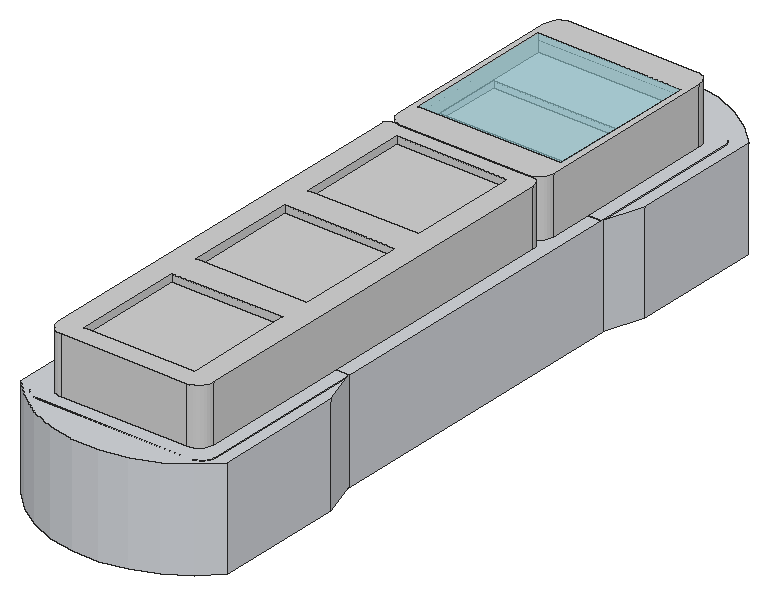
Revit family "Building-QuadriIEC309-GEWISS-68QDIN-QUADRI-PRESE-5MOD-CUSTODIA_3PRESE", category Apparecchi elettrici, host Superficie, Revit 2019
Family settings
  Host = Superficie
  Mantenere orientamento annotazione = Sì
  Quota connettore circolare = Usa diametro
  Tipo di parte = Normale
  Taglio con vuoti quando caricato = No
  Condiviso = No
  Punto di calcolo locali = Sì
Parameters (values of type "GW68031N - Q-DIN 5M 3FLANGE PR.16A CON CUST.IP65")
  visibilita posizionamento 2d [instance] = yes
  simbolo 2d [instance] = yes
  oggetto in pianta [instance] = not(visibilita posizionamento 2d)  # no
  distanza_simbolo [instance] = 0.1 mm
  bordo acceso [instance] = yes
  Visibilità sportello [instance] = yes
  Versione file RFA = "21.5"
  VETRO = Vetro
  URL = "https://www.gewiss.com/it/it"
  Tipologia di installazione = "Da parete"
  Tipo versione = "Vuoto"
  Termopressione con biglia = "70 °C"
  Temperatura di utilizzo = "-25 +40 °C"
  Spostamento_effettivo_S [instance] = 4000 mm - Spostamento_S  # 3000 mm
  Spostamento_S = 1000 mm
  Simbolo_quadro [instance] = not(simbolo 2d)  # no
  Scheda Tecnica = "https://www.gewiss.com/it/it/search?q=GW68031N"
  STRUTTURA ALTA = Poche
  STRUTTURA = RAL - 7035
  SEO = "Quadretto"
  Resistenza agli urti = "IK08"
  Default Elevation = 1219.2 mm
  Produttore = "GEWISS S.p.A."
  Potenza dissipabile B (W) = "37"
  Potenza dissipabile A (W) = "10"
  PRESA = rosso
  POMELLO = bianco
  N_Mooduli = 5 mm
  N. prese alloggiabili = "3 IEC 309 16 A IP44/67"
  N. mod. EN 50022 = "5"
  N. coperchi ciechi in dotazione = "1 IEC 16 A"
  Modello = "GW68031N"
  L_Moduli = N_Mooduli * 19  # 95 mm
  Immagine tipo = GW68031N.jpg
  IDT = "c65c050b-1fa2-494d-a6b9-4194fbcc741e"
  IDF = "6605acbd-01e2-420d-ace7-04a9e63c1601"
  Grado di protezione = "IP65"
  Glow Wire Test = "650°C"
  Dotazioni = "Completo di custodia antiurto gialla in gomma"
  Descrizione = "Q-DIN 5M 3FLANGE PR.16A CON CUST.IP65"
  DI_PIANO = 0 mm  # constant formula
  Creato da GEWISS S.p.A. = ""
  ConformitÃ  normativa = "EN 60208 - EN 60670-1 - IEC 60670-24"
  Colore = "Grigio RAL 7035"
  Codice Electrocod = "2242"
  Codice EAN = "8011564747555"
  Classe isolamento = "II"
  Catalogo Serie = "68 QDIN"
  Catalogo = "BUILDING"
  COBie.Tagnumber = ""
  COBie.CreatedOn = ""
  COBie.CreatebBy = ""
  COBie.ComponentRegisterItemID = ""
  COBie.Component.TagNumber = ""
  COBie.Component.Space = ""
  COBie.Component.SerialNumber = ""
  COBie.Component.InstallationDate = ""
  COBie.Component.Description = ""
  COBie.Component.BarCode = ""
Reference planes
  plane 1 "Centro (Fronte/Retro)": y = 0
  plane 2: z = 0
  plane 3 "Centro (Sinistra/Destra)": x = 0
  plane 4: x = -3000
  plane 5: x = 0
Forms (mm)
  Extrusion 1, solid, material "RAL - 7035" <- "STRUTTURA", detail levels coarse
    sketch origin (0, 0, 0) x (0, 1, 0) y (0, 0, 1)
      loop
        line (-9.4, 105.5) -> (-9.4, 0) -> (439.9, 0) -> (439.9, 105.5) -> (-9.4, 105.5)
    from -70.2 to 70.2
Lines and regions (mm)
  Masking region 1, visible <- "visibilita posizionamento 2d"
    outline origin (0, 0, 0) x (1, 0, 0) y (0, 0, 1)
      loop
        line (-52.5, 0) -> (52.5, 0) -> (52.5, 96) -> (-52.5, 96) -> (-52.5, 0)
Dimensions and locks
  plane 4 to plane 3 "Centro (Sinistra/Destra)" = 3000 mm
  "Spostamento_effettivo_S": plane 4 to plane 5
  aligned and locked: plane 2 to host face
  aligned and locked: level to host face
  aligned and locked: nested 1 to plane 5
  aligned and locked: nested 3 to plane 5
  aligned and locked: Extrusion 1 sketch curve to nested 2
  aligned and locked: nested 2 to plane 5
  aligned and locked: Extrusion 1 to nested 2  (x4)
  aligned and locked: Extrusion 1 to level
Automatic sketch dimensions
  host sketch curve to host sketch curve = 2438.4 mm  (x2)
  level to Extrusion 1 sketch curve = 0 mm
  plane 1 "Centro (Fronte/Retro)" to Extrusion 1 sketch curve = 9.4 mm
  Extrusion 1 sketch curve to plane 1 "Centro (Fronte/Retro)" = 439.9 mm
  Masking region 1 sketch curve to level = 0 mm
  Masking region 1 sketch curve to plane 3 "Centro (Sinistra/Destra)" = 52.5 mm
  plane 3 "Centro (Sinistra/Destra)" to Masking region 1 sketch curve = 52.5 mm
  Masking region 1 sketch curve to Masking region 1 sketch curve = 96 mm
Nested families
  nested 1: "CENTRALINO" at (0, 737.795, 0), BORDO ACCESO <- "bordo acceso", SIMBOLO ACCESO <- "simbolo 2d", Distanza dal muro <- "distanza_simbolo", visible <- "simbolo 2d", type "CENTRALINO"
    with SIMBOLO ACCESO yes, Distanza dal muro 0.1 mm, BORDO ACCESO yes
  nested 2: "BASE_68QDIN5 QUADRO DISTRIBUZ X 3 PRESE IND CUSTODIA" at (0, 287.5, 0), type "BASE_68QDIN5 QUADRO DISTRIBUZ X 3 PRESE IND CUSTODIA", detail levels medium+fine
    with n_moduli 95 mm, DI_PIANO 0 mm
  nested 3: "simb_CENTRALINO_BASE_cad pro" at (0, 737.795, 0), Distanza dal muro <- "distanza_simbolo", visible <- "Simbolo_quadro", SIMBOLO ACCESO <- "Simbolo_quadro", type "simb_CENTRALINO_BASE_cad pro"
    with SIMBOLO ACCESO no, Distanza dal muro 0.1 mm, BORDO ACCESO yes
Definition of nested family "BASE_68QDIN5 QUADRO DISTRIBUZ X 3 PRESE IND CUSTODIA"
  Parameters (values of type "BASE_68QDIN5 QUADRO DISTRIBUZ X 3 PRESE IND CUSTODIA")
    raggio prese = 25 mm
    n_moduli = 50 mm
    h_moduli = 45 mm
    Vetro = none
    Struttura = none
    Spessore = 96 mm
    Default Elevation = 14 mm
    Presa = none
    Lunghezza = 105 mm
    Larghezza = 105 mm
    IFC.TypeObject = ""
    IFC.ExportType = ""
    IFC.ExportAs = ""
    H_da terra = 589.057 mm
    DI_PIANO = 12.5 mm
    COBie.CreatedOn = ""
    COBie.CreatebBy = ""
    COBie.ComponentRegisterItemID = ""
    COBie.Component.TagNumber = ""
    COBie.Component.Space = ""
    COBie.Component.SerialNumber = ""
    COBie.Component.InstallationDate = ""
    COBie.Component.Description = ""
    COBie.Component.BarCode = ""
    Altezza scatole = 350 mm
    Altezza quadro = 150 mm
    Altezza = 258 mm
  Reference planes
    plane 1 "Centro (Fronte/Retro)": y = 0
    plane 2: z = 0
    plane 3 "Centro (Sinistra/Destra)": x = 0
    plane 4: z = 103.126
    plane 5: z = 118
    plane 6: x = -52.5
    plane 7: x = 52.5
    plane 8: x = -48.5
    plane 9: x = 48.5
    plane 10: y = 123.21
    plane 11: y = 21.246
    plane 12: y = 0
    plane 13: y = -105
    plane 14: y = -180
    plane 15: y = -85
    plane 16: y = -10
    plane 17: y = -287.5
    plane 18: y = 143
    plane 19: z = 113
    plane 20: y = 84
    plane 21: y = 39
    plane 22: x = -25
    plane 23: x = 25
    plane 24: z = 114.059
    plane 25: z = 118
    plane 26 "posizionamento moduli": z = 106.734
    plane 27: z = 102.558
    plane 28: y = 61.5
    plane 29: y = -200
    plane 30: y = -275
    plane 31: y = -237.5
    plane 32: y = -47.5
    plane 33: y = -142.5
    plane 34: z = 109.791
    plane 35: z = 80
    plane 36: x = -61.9
    plane 37: x = 61.9
    plane 38: y = 152.4
    plane 39: z = 12.5
    plane 40: x = -70.2
    plane 41: x = 70.2
  Forms (mm)
    Extrusion 1, solid, material <- "Struttura"
      sketch origin (0, -857.311, 0) x (1, 0, 0) y (0, 1, 0)
        loop
          arc (-42.5, 1000.311) -> (-49.571, 997.382) -> (-52.5, 990.311) r 10
          line (-52.5, 990.311) -> (-52.5, 867.311)
          arc (-52.5, 867.311) -> (-49.571, 860.24) -> (-42.5, 857.311) r 10
          line (-42.5, 857.311) -> (42.5, 857.311)
          arc (42.5, 857.311) -> (49.571, 860.24) -> (52.5, 867.311) r 10
          line (52.5, 867.311) -> (52.5, 990.311)
          arc (52.5, 990.311) -> (49.571, 997.382) -> (42.5, 1000.311) r 10
          line (42.5, 1000.311) -> (-42.5, 1000.311)
      from 80 to 118
    Extrusion 2, solid, material <- "Struttura"
      sketch origin (0, -857.311, 0) x (1, 0, 0) y (0, 1, 0)
        loop
          line (44.95, 857.311) -> (-48.88, 857.311)
          arc (-48.88, 857.311) -> (-51.44, 856.251) -> (-52.5, 853.691) r 3.62
          line (-52.5, 853.691) -> (-52.5, 579.811)
          arc (-52.5, 579.811) -> (-49.571, 572.74) -> (-42.5, 569.811) r 10
          line (-42.5, 569.811) -> (42.5, 569.811)
          arc (42.5, 569.811) -> (49.571, 572.74) -> (52.5, 579.811) r 10
          line (52.5, 579.811) -> (52.5, 849.76)
          arc (52.5, 849.76) -> (50.289, 855.099) -> (44.95, 857.311) r 7.55
      from 80 to 118
    Extrusion 3, void
      sketch origin (0, -857.311, 0) x (1, 0, 0) y (0, 1, 0)
        loop
          line (-48.5, 980.52) -> (-48.5, 878.557) -> (48.5, 878.557) -> (48.5, 980.52) -> (-48.5, 980.52)
      from 118 to 102.558
    Extrusion 4, solid, material <- "Vetro", detail levels fine
      sketch origin (0, -857.311, 0) x (1, 0, 0) y (0, 1, 0)
        loop
          line (-48.5, 980.52) -> (-48.5, 878.557) -> (48.5, 878.557) -> (48.5, 980.52) -> (-48.5, 980.52)
      from 114.059 to 118
    Extrusion 5, void
      sketch origin (0, -857.311, 0) x (1, 0, 0) y (0, 1, 0)
        loop
          line (-37.506, 847.311) -> (-37.506, 772.311) -> (37.506, 772.311) -> (37.506, 847.311) -> (-37.506, 847.311)
      from 113 to 118
    Extrusion 6, void
      sketch origin (0, -992.311, 0) x (1, 0, 0) y (0, 1, 0)
        loop
          line (-37.506, 887.311) -> (-37.506, 812.311) -> (37.506, 812.311) -> (37.506, 887.311) -> (-37.506, 887.311)
      from 113 to 118
    Extrusion 7, void
      sketch origin (0, 0, 0) x (1, 0, 0) y (0, 1, 0)
        loop
          line (-25, 39) -> (25, 39) -> (25, 84) -> (-25, 84) -> (-25, 39)
      from 102.558 to 106.734
    Extrusion 8, solid
      sketch origin (0, 0, 0) x (1, 0, 0) y (0, 1, 0)
        loop
          line (-48.5, 123.21) -> (-48.5, 21.246) -> (48.5, 21.246) -> (48.5, 123.21) -> (-48.5, 123.21)
      from 102.558 to 106.734
    Extrusion 9, void
      sketch origin (0, -1087.311, 0) x (1, 0, 0) y (0, 1, 0)
        loop
          line (-37.506, 887.311) -> (-37.506, 812.311) -> (37.506, 812.311) -> (37.506, 887.311) -> (-37.506, 887.311)
      from 113 to 118
    Extrusion 10, solid
      sketch origin (0, 0, 106.734) x (0, -1, 0) y (1, 0, 0)
        loop
          line (-152.4, 51.9) -> (-152.4, -51.9)
          arc (-152.4, -51.9) -> (-149.471, -58.971) -> (-142.4, -61.9) r 10
          line (-142.4, -61.9) -> (286.9, -61.9)
          arc (286.9, -61.9) -> (293.971, -58.971) -> (296.9, -51.9) r 10
          line (296.9, -51.9) -> (296.9, 51.9)
          arc (296.9, 51.9) -> (293.971, 58.971) -> (286.9, 61.9) r 10
          line (286.9, 61.9) -> (-142.4, 61.9)
          arc (-142.4, 61.9) -> (-149.471, 58.971) -> (-152.4, 51.9) r 10
      from -94.234 to -26.734
    Extrusion 11, solid
      sketch origin (0, 0, 106.734) x (0, -1, 0) y (1, 0, 0)
        loop
          line (-152.4, -70.2) -> (-65, -70.2) -> (-39, -61.568) -> (-39, 61.568) -> (-65, 70.2) -> (-152.4, 70.2)
          arc (-152.4, 70.2) -> (-185, 0) -> (-152.4, -70.2) r 91.883
      from -94.234 to -26.734
    Extrusion 12, solid
      sketch origin (0, -135.2, 106.734) x (0, 1, 0) y (-1, 0, 0)
        loop
          arc (-152.4, 70.2) -> (-185, 0) -> (-152.4, -70.2) r 91.883
          line (-152.4, -70.2) -> (-65, -70.2) -> (-39, -61.568) -> (-39, 61.568) -> (-65, 70.2) -> (-152.4, 70.2)
      from -94.234 to -26.734
  Cuts and joins
    Extrusion 3 cuts Extrusion 1
    Extrusion 5, Extrusion 6, Extrusion 9 cuts Extrusion 2
    Extrusion 7 cuts Extrusion 8
    Extrusion 7 cuts Extrusion 4
  Dimensions and locks
    locked: plane 6 to plane 8 at 4
    locked: plane 9 to plane 7 at 4
    equal spacing: plane 6, plane 3 "Centro (Sinistra/Destra)", plane 7
    "Larghezza": plane 6 to plane 7
    plane 12 to plane 16 = 10 mm
    locked: plane 15 to plane 13 at 20
    plane 16 to plane 15 = 75 mm
    plane 13 to plane 14 = 75 mm
    plane 1 "Centro (Fronte/Retro)" to plane 18 = 143 mm
    plane 17 to plane 12 = 287.5 mm
    plane 11 to plane 1 "Centro (Fronte/Retro)" = 21.246 mm
    plane 10 to plane 18 = 19.79 mm
    locked: plane 5 to plane 19 at 5
    locked: plane 18 to plane 20 at 59
    "h_moduli": plane 20 to plane 21
    equal spacing: plane 22, plane 3 "Centro (Sinistra/Destra)", plane 23
    "n_moduli": plane 22 to plane 23
    locked: plane 25 to plane 24 at 3.941
    locked: plane 24 to plane 26 "posizionamento moduli" at 7.325
    locked: plane 26 "posizionamento moduli" to plane 27 at 4.176
    equal spacing: plane 20, plane 28, plane 21
    locked: plane 14 to plane 29 at 20
    locked: plane 29 to plane 30 at 75
    locked: plane 19 to plane 34 at 3.209
    plane 17 to plane 18 = 430.5 mm
    locked: plane 5 to plane 35 at 38
    locked: plane 36 to plane 6 at 9.4
    locked: plane 7 to plane 37 at 9.4
    locked: plane 18 to plane 38 at 9.4
    locked: plane 35 to plane 39 at 67.5
    "DI_PIANO": plane 39 to level
    locked: plane 40 to plane 36 at 8.3
    locked: plane 37 to plane 41 at 8.3
    radius of Extrusion 2 sketch curve = 10 mm  (x2)
    radius of Extrusion 2 sketch curve = 3.62 mm
    radius of Extrusion 2 sketch curve = 7.55 mm
    radius of Extrusion 1 sketch curve = 10 mm  (x4)
    radius of Extrusion 10 sketch curve = 10 mm  (x4)
    angle plane 40 to plane 38 = 90.00°
    angle plane 9 to plane 21 = 90.00°
    angle plane 12 to plane 3 "Centro (Sinistra/Destra)" = 90.00°
    aligned and locked: level to plane 2
    aligned and locked: Extrusion 2 to plane 5
    aligned and locked: plane 6 to Extrusion 2 sketch curve
    aligned and locked: plane 7 to Extrusion 2 sketch curve
    aligned and locked: plane 7 to Extrusion 1 sketch curve
    aligned and locked: plane 6 to Extrusion 1 sketch curve
    aligned and locked: Extrusion 4 sketch curve to plane 8
    aligned and locked: Extrusion 4 sketch curve to plane 9
    aligned and locked: Extrusion 3 sketch curve to plane 8
    aligned and locked: Extrusion 3 sketch curve to plane 9
    aligned and locked: Extrusion 4 sketch curve to plane 10
    aligned and locked: plane 11 to Extrusion 4 sketch curve
    aligned and locked: Extrusion 3 sketch curve to plane 10
    aligned and locked: plane 11 to Extrusion 3 sketch curve
    aligned and locked: plane 12 to Extrusion 1 sketch curve
    aligned and locked: Extrusion 2 sketch curve to plane 12
    aligned and locked: plane 17 to Extrusion 2 sketch curve
    aligned and locked: Extrusion 5 to plane 15
    aligned and locked: plane 16 to Extrusion 5
    aligned and locked: plane 13 to Extrusion 6
    aligned and locked: plane 1 "Centro (Fronte/Retro)" to plane 12
    aligned and locked: plane 18 to Extrusion 1 sketch curve
    aligned and locked: Extrusion 6 to plane 14
    aligned and locked: Extrusion 6 to plane 19
    aligned and locked: Extrusion 6 to plane 5
    aligned and locked: Extrusion 5 to plane 19
    aligned and locked: Extrusion 5 to plane 5
    aligned and locked: Extrusion 7 sketch curve to plane 22
    aligned and locked: Extrusion 7 sketch curve to plane 20
    aligned and locked: Extrusion 7 sketch curve to plane 21
    aligned and locked: Extrusion 7 sketch curve to plane 23
    aligned and locked: plane 25 to cut or joined group of Extrusion 1, Extrusion 3
    aligned and locked: plane 26 "posizionamento moduli" to Extrusion 7
    aligned and locked: Extrusion 7 to plane 27
    aligned and locked: Extrusion 8 sketch curve to plane 10
    aligned and locked: Extrusion 8 sketch curve to plane 11
    aligned and locked: Extrusion 8 to plane 27
    aligned and locked: plane 26 "posizionamento moduli" to Extrusion 8
    aligned and locked: Extrusion 8 sketch curve to Extrusion 4  (x2)
    aligned and locked: cut or joined group of Extrusion 2, Extrusion 5, Extrusion 6, Extrusion 9 to plane 19
    aligned and locked: Extrusion 9 to plane 19
    aligned and locked: Extrusion 9 to plane 5
    aligned and locked: cut or joined group of Extrusion 4, Extrusion 7 to plane 24
    aligned and locked: plane 25 to cut or joined group of Extrusion 4, Extrusion 7
    aligned and locked: plane 25 to plane 5
    aligned and locked: cut or joined group of Extrusion 2, Extrusion 5, Extrusion 6, Extrusion 9 to plane 35
    aligned and locked: cut or joined group of Extrusion 1, Extrusion 3 to plane 35
    aligned and locked: Extrusion 10 sketch curve to plane 38
    aligned and locked: Extrusion 10 sketch curve to plane 36
    aligned and locked: Extrusion 10 sketch curve to plane 37
    aligned and locked: plane 35 to Extrusion 10
    aligned and locked: Extrusion 10 to plane 39
    aligned and locked: Extrusion 11 sketch curve to plane 40
    aligned and locked: Extrusion 11 sketch curve to plane 41
    aligned and locked: Extrusion 11 sketch curve to plane 21
    aligned and locked: Extrusion 11 to plane 39
    aligned and locked: plane 35 to Extrusion 11
    aligned and locked: Extrusion 1 to Extrusion 3
    aligned and locked: cut or joined group of Extrusion 1, Extrusion 3 to plane 27
  Automatic sketch dimensions
    Extrusion 5 sketch curve to plane 15 = 0 mm
    Extrusion 5 sketch curve to plane 16 = 0 mm
    Extrusion 5 sketch curve to plane 8 = 10.994 mm
    plane 9 to Extrusion 5 sketch curve = 10.994 mm
    Extrusion 6 sketch curve to plane 14 = 0 mm
    Extrusion 6 sketch curve to plane 13 = 0 mm
    Extrusion 6 sketch curve to plane 8 = 10.994 mm
    plane 9 to Extrusion 6 sketch curve = 10.994 mm
    Extrusion 9 sketch curve to plane 30 = 0 mm
    Extrusion 9 sketch curve to plane 29 = 0 mm
    Extrusion 9 sketch curve to plane 8 = 10.994 mm
    plane 9 to Extrusion 9 sketch curve = 10.994 mm
    Extrusion 10 sketch curve to plane 17 = 0.6 mm
    plane 38 to Extrusion 11 sketch curve = 0 mm  (x2)
    plane 20 to Extrusion 11 sketch curve = 9.117 mm
    Extrusion 11 sketch curve to plane 28 = 3.5 mm  (x2)
    plane 36 to Extrusion 11 sketch curve = 0.332 mm
    Extrusion 11 sketch curve to plane 37 = 0.332 mm
    Extrusion 12 sketch curve to plane 41 = 0 mm
    Extrusion 12 sketch curve to plane 40 = 0 mm
    Extrusion 12 sketch curve to plane 3 "Centro (Sinistra/Destra)" = 0 mm
    Extrusion 12 sketch curve to plane 17 = 0.1 mm
    plane 31 to Extrusion 12 sketch curve = 9.183 mm
    plane 29 to Extrusion 12 sketch curve = 0.2 mm  (x2)
    Extrusion 12 sketch curve to plane 36 = 0.332 mm
    Extrusion 12 sketch curve to plane 14 = 5.8 mm
    plane 37 to Extrusion 12 sketch curve = 0.332 mm
Definition of nested family "CENTRALINO"
  Parameters (values of type "CENTRALINO")
    SIMBOLO ACCESO [instance] = yes
    Distanza dal muro [instance] = 0 mm
    BORDO ACCESO [instance] = yes
  Reference planes
    plane 1: y = 0
    plane 2: x = 0
  Dimensions and locks
    "Distanza dal muro": plane 1 to nested 1
    aligned and locked: plane 2 to nested 1
  Nested families
    nested 1: "CENTRALINO_BASE" at (0, 0, 0), BORDO ACCESO <- "BORDO ACCESO", visible <- "SIMBOLO ACCESO", type "CENTRALINO"
      with BORDO ACCESO yes
  Definition of nested family "CENTRALINO_BASE"
    Parameters (values of type "CENTRALINO")
      Distanza dal muro = 0 mm
      BORDO ACCESO [instance] = yes
    Reference planes
      plane 1: y = 0
      plane 2: x = 0
    Lines and regions (mm)
      detail lines, visible <- "BORDO ACCESO", not visible
        curve 1: line (-2.443, 10.208, 0) -> (2.057, 10.208, 0)
        curve 2: line (2.057, 10.208, 0) -> (2.057, 4.208, 0)
        curve 3: line (2.057, 4.208, 0) -> (-2.443, 4.208, 0)
        curve 4: line (-2.443, 4.208, 0) -> (-2.443, 10.208, 0)
        curve 5: line (-2.043, 9.808, 0) -> (1.657, 9.808, 0)
        curve 6: line (1.657, 9.808, 0) -> (1.657, 4.608, 0)
        curve 7: line (1.657, 4.608, 0) -> (-2.043, 4.608, 0)
        curve 8: line (-2.043, 4.608, 0) -> (-2.043, 9.808, 0)
      detail lines
        curve 9: line (0, 0.671, 0) -> (0, 0, 0)
        curve 10: line (0.659, 0.671, 0) -> (0.659, 1.33, 0)
        curve 11: line (0.659, 1.33, 0) -> (-0.659, 1.33, 0)
        curve 12: line (-0.659, 1.33, 0) -> (-0.659, 0.671, 0)
        curve 13: line (-0.659, 0.671, 0) -> (0.659, 0.671, 0)
        curve 14: line (0.497, 1.33, 0) -> (0.497, 2, 0)
        curve 15: line (0.167, 1.33, 0) -> (0.167, 2, 0)
        curve 16: line (-0.162, 1.33, 0) -> (-0.162, 2, 0)
        curve 17: line (-0.491, 1.33, 0) -> (-0.491, 2, 0)
Definition of nested family "simb_CENTRALINO_BASE_cad pro"
  Parameters (values of type "simb_CENTRALINO_BASE_cad pro")
    SIMBOLO ACCESO [instance] = yes
    Distanza dal muro [instance] = 0 mm
    BORDO ACCESO [instance] = yes
  Reference planes
    plane 1: y = 0
    plane 2: x = 0
  Dimensions and locks
    "Distanza dal muro": plane 1 to nested 1
    aligned and locked: plane 2 to nested 1
  Nested families
    nested 1: "CENTRALINO_BASE_cad pro" at (0, 0, 0), type "CENTRALINO"
  Definition of nested family "CENTRALINO_BASE_cad pro"
    Parameters (values of type "CENTRALINO")
      Distanza dal muro = 0 mm
    Reference planes
      plane 1: y = 0
      plane 2: x = 0
    Lines and regions (mm)
      detail lines
        curve 1: line (1.33, 1.33, 0) -> (2.109, 1.33, 0)
        curve 2: line (2.109, 1.33, 0) -> (2.109, 0, 0)
        curve 3: line (2.109, 0, 0) -> (1.33, 0, 0)
        curve 4: line (1.33, 0, 0) -> (-1.33, 1.33, 0)
        curve 5: line (-1.33, 1.33, 0) -> (1.33, 1.33, 0)
        curve 6: line (1.33, 1.33, 0) -> (1.33, 0, 0)
        curve 7: line (1.33, 0, 0) -> (-1.33, 0, 0)
        curve 8: line (-1.33, 0, 0) -> (-1.33, 1.33, 0)
        curve 9: line (1.461, 0.665, 0) -> (1.977, 0.665, 0)
        curve 10: line (1.719, 0.665, 0) -> (1.719, 1.01, 0)
        curve 11: arc (1.977, 0.406, 0) -> (1.719, 0.665, 0) -> (1.461, 0.406, 0) r 0.258
